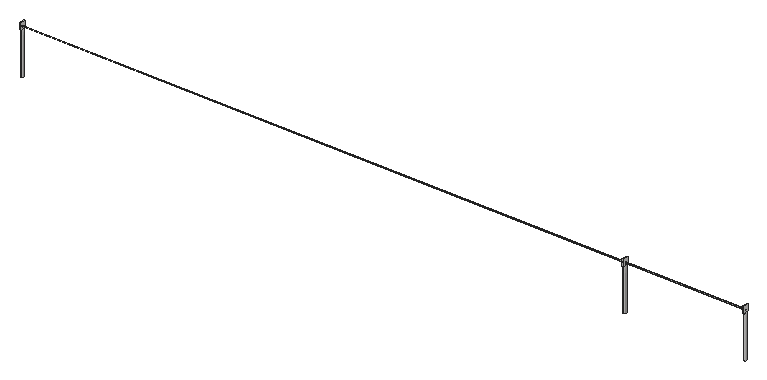
Revit family "BirdControl_Wire_BirdBGone_2000", category Specialty Equipment, Revit 2019
Family settings
  Round Connector Dimension = Use Diameter
  Part Type = Normal
  OmniClass Number = 23.40.10.14.14.99
  OmniClass Title = Other Manufactured Exterior Specialties
  Cut with Voids When Loaded = No
  Shared = No
  Room Calculation Point = No
Parameters (values of type "Wire System")
  Wire Height [instance] = 0' - 4 1/2"
  Warranty Duration (Years) = 0
  URL = "http://www.birdbgone.com/"
  Test Data = "http://www.birdbgone.com/bird-control-product-msds"
  Supports_Array [instance] = if(Supports > 1, Supports, 2)  # 2
  Supports [instance] = if(not(Int < Length Div), Int - 1, Int)  # 1
  SingleSupport [instance] = Supports = 1  # yes
  Int [instance] = Length Div  # 1
  Specification = "http://www.arcat.com/sdspecs/htm/10290bir.htm"
  SpecWizard = ""
  Send Message = "http://www.arcat.com/users.pl?action=UserEmail&company=Bird-B-Gone,%20Inc.&coid=38371&rep=147&fax=949-472-3116&mf="
  Sales Information = "http://www.birdbgone.com/bird-control-store/"
  Revision = "R1_10-2010"
  Product Properties = "http://www.arcat.com/bim/bim_info.pl?fn=BirdBGone"
  Product Data = "http://www.arcat.com/arcatcos/cos38/arc38371.html"
  Model = "As Specified in 10 81 19"
  Material = Metal - Stainless Steel - Bird B Gone
  Manufacturer Website = "http://www.birdbgone.com/"
  Manufacturer Phone - Toll Free = "800-392-6915"
  Manufacturer Phone = "949-472-3122"
  Manufacturer Fax = "949-472-3116"
  Manufacturer Address = "23918 Skyline, Mission Viejo, CA 92692"
  Manufacturer = "Bird-B-Gone, Inc."
  Maintenance Schedule (Months) = 0
  Length Div [instance] = [built-in parameter 1001306] / 5' 0"  # 1.2
  built-in parameter 1001306 [instance] = 6' - 0"
  Keynote = "10 81 19"
  Installation-Fabrication = "http://www.birdbgone.com/installation-instructions"
  Installation Phase = ""
  Green Building-LEED = "http://www.arcat.com/green/clients/leed_data_38371.html"
  Expected Lifespan (Years) = 0
  Drawn By = "Robert S. Weygant, CSI, CDT, SCIP"
  Description = "Bird Control Equipment as Specified in 10 81 19"
  Copyright = "2010 ARCAT, Inc."
  Construction Details = "http://www.arcat.com/details/birdbgon/birdbgon.html?coid=38371"
  Building Codes = "http://www.birdbgone.com/knowledge-center/"
  Assembly Code = "E1090900"
  Array [instance] = Supports > 1  # no
Reference planes (in)
  plane 1 "Center (Front/Back)": y = 0
  plane 2: z = 0
  plane 3 "Left": x = 0
  plane 4 "Right": x = 72
  plane 5 "Wire": z = 4.5
Forms (in)
  Sweep 1, solid, material "Metal - Stainless Steel - Bird B Gone" <- "Material", detail levels medium+fine
    path origin (0, 0, 4.5) x (-1, 0, 0) y (0, -1, 0)
      loop
        line (-72, 0) -> (0, 0)
    profile origin (36, 0, 4.5) x (0, -1, 0) y (0, 0, 1)
      loop
        circle (0, 0) r 0.03125
Lines and regions (in)
  reference lines
    curve 1: line (0, 0, 0) -> (72, 0, 0)
  model lines, style "Bird Control", detail levels coarse
    curve 2: line (0, 0, 4.5) -> (72, 0, 4.5)
Dimensions and locks (in)
  "built-in parameter 1001306": plane 3 "Left" to plane 4 "Right"
  group 1 to group 2 = 5' - 0"
  group 1 to group 2 = 0' - 0"  (x2)
  "Wire Height": plane 5 "Wire" to level
  aligned and locked: plane 4 "Right" to curve 1
  aligned and locked: plane 3 "Left" to curve 1
  aligned and locked: plane 4 "Right" to nested 4
Automatic sketch dimensions
  curve 1 to plane 1 "Center (Front/Back)" = 0' - 0"
  curve 2 to plane 1 "Center (Front/Back)" = 0' - 0"
  curve 2 to plane 4 "Right" = 0' - 0"
  curve 2 to plane 3 "Left" = 0' - 0"
  Sweep 1 sketch curve to plane 1 "Center (Front/Back)" = 0' - 0"
  Sweep 1 sketch curve to plane 4 "Right" = 0' - 0"
  Sweep 1 sketch curve to plane 3 "Left" = 0' - 0"
  Sweep 1 sketch curve to plane 5 "Wire" = 0' - 0"
  Sweep 1 sketch curve to profile plane = 0' - 0"
  radius of Sweep 1 sketch curve = 0' - 0 1/32"
Nested families (in)
  nested 1: "Support_Wire" at (60, 0, 0) x (0, 1, 0) z (0, 0, 1), Material <- "Material", Unit Height <- "Wire Height", visible <- "Array", type "BirdBGone template - Standalone"
    with offset 0' - 0", Unit Height 0' - 4 1/2", Material Metal - Stainless Steel - Bird B Gone
  nested 2: "Support_Wire" at (120, 0, 0) x (0, 1, 0) z (0, 0, 1), Material <- "Material", Unit Height <- "Wire Height", visible <- "Array", type "BirdBGone template - Standalone"
    with offset 0' - 0", Unit Height 0' - 4 1/2", Material Metal - Stainless Steel - Bird B Gone
  nested 3: "Support_Wire" at (0, 0, 0) x (0, 1, 0) z (0, 0, 1), Material <- "Material", Unit Height <- "Wire Height", type "BirdBGone template - Standalone"
    with offset 0' - 0", Unit Height 0' - 4 1/2", Material Metal - Stainless Steel - Bird B Gone
  nested 4: "Support_Wire" at (72, 0, 0) x (0, 1, 0) z (0, 0, 1), Material <- "Material", Unit Height <- "Wire Height", type "BirdBGone template - Standalone"
    with offset 0' - 0", Unit Height 0' - 4 1/2", Material Metal - Stainless Steel - Bird B Gone
  nested 5: "Support_Wire" at (60, 0, 0) x (0, 1, 0) z (0, 0, 1), Material <- "Material", Unit Height <- "Wire Height", visible <- "SingleSupport", type "BirdBGone template - Standalone"
    with offset 0' - 0", Unit Height 0' - 4 1/2", Material Metal - Stainless Steel - Bird B Gone
Definition of nested family "Support_Wire"
  Parameters
    offset [instance] = 0' - 0"
    Warranty Duration (Years) = 0
    Unit Width = 0' - 7"
    Unit Height [instance] = 0' - 5"
    Unit Depth = 0' - 0 1/4"
    URL = "http://www.birdbgone.com/"
    Test Data = "http://www.birdbgone.com/bird-control-product-msds"
    Specification = "http://www.arcat.com/sdspecs/htm/10290bir.htm"
    SpecWizard = ""
    Send Message = "http://www.arcat.com/users.pl?action=UserEmail&company=Bird-B-Gone,%20Inc.&coid=38371&rep=147&fax=949-472-3116&mf="
    Sales Information = "http://www.birdbgone.com/bird-control-store/"
    Revision = "R1_10-2010"
    Product Properties = "http://www.arcat.com/bim/bim_info.pl?fn=BirdBGone"
    Product Data = "http://www.arcat.com/arcatcos/cos38/arc38371.html"
    Model = "As Specified in 10 81 19"
    Material [instance] = none
    Manufacturer Website = "http://www.birdbgone.com/"
    Manufacturer Phone - Toll Free = "800-392-6915"
    Manufacturer Phone = "949-472-3122"
    Manufacturer Fax = "949-472-3116"
    Manufacturer Address = "23918 Skyline, Mission Viejo, CA 92692"
    Manufacturer = "Bird-B-Gone, Inc."
    Maintenance Schedule (Months) = 0
    Keynote = "10 81 19"
    Installation-Fabrication = "http://www.birdbgone.com/installation-instructions"
    Installation Phase = ""
    Green Building-LEED = "http://www.arcat.com/green/clients/leed_data_38371.html"
    Expected Lifespan (Years) = 0
    Drawn By = "Robert S. Weygant, CSI, CDT, SCIP"
    Description = "Bird Control Equipment as Specified in 10 81 19"
    Copyright = "wt"
    Construction Details = "http://www.arcat.com/details/birdbgon/birdbgon.html?coid=38371"
    Building Codes = "http://www.birdbgone.com/knowledge-center/"
    Assembly Code = "E1090900"
  Reference planes (in)
    plane 1 "Center (Front/Back)": y = 0
    plane 2 "Bottom": z = 0
    plane 3 "Center (Left/Right)": x = 0
    plane 4 "Top": z = 5
    plane 5: z = 4.5
    plane 6: z = 5.375
  Forms (in)
    Sweep 1, solid, material <- "Material", detail levels medium+fine
      path origin (0, 0, 0) x (0.707107, 0, 0.707107) y (-0.707107, 0, 0.707107)
        loop
          line (0, 0) -> (3.35876, 3.35876)
      profile origin (0, 0, 2.375) x (-1, 0, 0) y (0, -1, 0)
        loop
          circle (0, 0) r 0.125
    Extrusion 2, solid, material <- "Material", detail levels medium+fine
      sketch origin (0, 0, 0) x (0.707107, 0, 0.707107) y (-0.707107, 0, 0.707107)
        loop
          line (3.62392, 3.97748) -> (3.20408, 3.55763) -> (3.25743, 3.25743) -> (3.55763, 3.20408) -> (3.97748, 3.62392) -> (3.62392, 3.97748)
        loop
          circle (3.53553, 3.53553) r 0.125
      from -0.0625 to 0.0625
  Cuts and joins
    joined: Sweep 1, Extrusion 2
  Lines and regions (in)
    model lines, detail levels coarse
      curve 1: line (0, 0, 0) -> (0, 0, 5)
  Dimensions and locks (in)
    "Unit Height": plane 4 "Top" to level
    plane 6 to plane 4 "Top" to plane 5 = 0' - 0 3/8" locked, 0' - 0 1/2" locked
    locked: plane 4 "Top" to Sweep 1 sketch curve at 0.25
    aligned and locked: level to Sweep 1 sketch curve
  Automatic sketch dimensions
    Sweep 1 sketch curve to profile plane = 0' - 0"  (x2)
    curve 1 to level = 0' - 0"
    curve 1 to plane 3 "Center (Left/Right)" = 0' - 0"  (x2)
    curve 1 to plane 4 "Top" = 0' - 0"
    Extrusion 2 sketch curve to plane 3 "Center (Left/Right)" = 0' - 0"  (x2)
    Extrusion 2 sketch curve to plane 4 "Top" = 0' - 0"
    Extrusion 2 sketch curve to plane 6 = 0' - 0"  (x2)
    Extrusion 2 sketch curve to Extrusion 2 sketch curve = 0' - 0.2781"
    Extrusion 2 sketch curve to Extrusion 2 sketch curve = 0' - 0.05335"
    Extrusion 2 sketch curve to Extrusion 2 sketch curve = 0' - 0.3002"
    Extrusion 2 sketch curve to Extrusion 2 sketch curve = 0' - 0.08839"
    Extrusion 2 sketch curve to Extrusion 2 sketch curve = 0' - 0.44194"
    Sweep 1 sketch curve to plane 3 "Center (Left/Right)" = 0' - 0"  (x2)
    radius of Sweep 1 sketch curve = 0' - 0 1/8"
    radius of Extrusion 2 sketch curve = 0' - 0 1/8"
